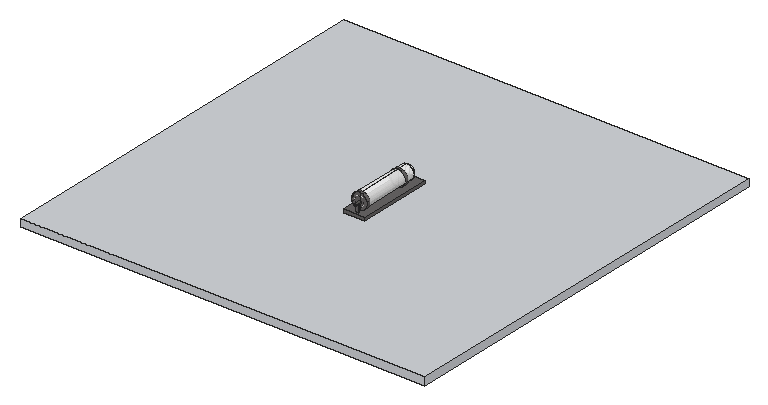
Revit family "P710088-031", category Lighting Fixtures, host Face, Revit 2014
Parameters (values of type "P710088-031")
  White = Paint - Hubbell - Matte White
  Watts = 17 W
  Wattage Comments = "60w"
  Wattage = 60 W
  Warranty = "1 year Warranty"  # constant formula
  built-in parameter 1150110 = 1 (stored number, unit not read)
  Voltage = 120 V
  URL = "https://www.hubbell.com/progresslighting/en"
  built-in parameter 1114217 = 1 (stored number, unit not read)
  Tilt Angle = 60.00°
  built-in parameter 1150109 = 1 (stored number, unit not read)
  built-in parameter 1150134 = 3
  built-in parameter 1150113 = 1 (stored number, unit not read)
  Product Link = "https://www.hubbell.com/progresslighting/en/Products/Lighting-Controls/Residential-Indoor-Lighting/Sconces-Wall-Brackets/Hartwick-Collection-Black-One-Light-Wall-Sconce/p/3980869"
  Product Documentation Link = "https://hubbellcdn.com/specsheet/PROG_P710088-031_spec.pdf"
  Power Factor = 1
  Photometric Web File = "generic"
  built-in parameter 1150142 = (empty or 0)
  Model = "P710088-031"  # constant formula
  Manufacturer = "Progress Lighting"  # constant formula
  built-in parameter 1150105 = 709.24 (stored number, unit not read)
  Lumens = 8912.52 lm
  built-in parameter 1150115 = 1 (stored number, unit not read)
  Load Classification = Lighting
  Width = 5"
  built-in parameter 1150137 = (empty or 0)
  built-in parameter 1150139 = (empty or 0)
  built-in parameter 1150112 = 1 (stored number, unit not read)
  built-in parameter 1150114 = 1 (stored number, unit not read)
  Lamp = "LED or Incandescent"
  built-in parameter 1150132 = (empty or 0)
  built-in parameter 1150102 = (empty or 0)
  built-in parameter 1150107 = 3200 (stored number, unit not read)
  built-in parameter 1150138 = (empty or 0)
  built-in parameter 1150106 = 7.0924 (stored number, unit not read)
  Housing Material = Paint - Hubbell - Textured Camera Black
  Gold = Hubbell - Gold
  Glass = Hubbell - Glass
  Fixture distribution = "Direct"  # constant formula
  Specifications = "A stunning, cylinder-shaped etched opal glass diffuser held in place by a thin metal bar recalls visions of elegant candlesticks.\r\nThe diffuser sits on top of a pedestal-like light base attached to a beautiful black backplate.\r\nEase yourself into a state of complete bliss and relaxation under the luxurious glow of this wall sconce.\r\nIdeal for any bedroom, living room, sitting room, hallway, foyer, or bathroom.\r\nPerfect for modern, contemporary, and luxury settings.\r\nMeasures 5-inch width by 18-inch height.\r\nUses one medium base bulb that is sold separately (60w max - LED or incandescent).\r\nAble to be fully dimmable with dimmable bulbs.\r\nIncludes installation instructions and mounting hardware.\r\nProgress Lighting products are designed for exceptional quality, reliability, and functionality."  # constant formula
  Height = 18"
  built-in parameter 1150104 = 13.8 (stored number, unit not read)
  Dimming Lamp Color Temperature Shift = <None>
  Description = "Ease yourself into a state of complete bliss and relaxation under the luxurious glow of this wall sconce. A stunning, cylinder-shaped etched opal glass diffuser held in place by a thin metal bar recalls visions of elegant candlesticks. The diffuser sits on top of a pedestal-like light base attached to a beautiful black backplate."  # constant formula
  Depth = 4"
  Default Elevation = 48"
  Copyright = " ©2020 Progress Lighting, a division of Hubbell Lighting, Inc"  # constant formula
  Contact = "https://www.hubbell.com/progresslighting/en/contactUs"
  Connector Description = "Lighting Connector"  # constant formula
  Color Filter = 16777215
  built-in parameter 1114218 = 1 (stored number, unit not read)
  built-in parameter 1150133 = 10 (stored number, unit not read)
  Assembly Code = "D5020200"
  Apparent Load = Watts / Power Factor  # 17 VA
Reference planes (in)
  plane 1 "Center (Front/Back)": y = 0
  plane 2: z = 0.5561
  plane 3 "Center (Left/Right)": x = 0
  plane 4: z = 5.8061
  plane 5: x = -2.5
  plane 6: x = 2.5
  plane 7: y = -9
  plane 8: y = 9
Forms (in)
  Extrusion 1, solid
    sketch origin (0, 0, 0) x (1, 0, 0) y (0, 1, 0)
      loop
        line (-48, 48) -> (-48, -48) -> (48, -48) -> (48, 48) -> (-48, 48)
    from 0.5561 to -1.25
  Extrusion 2, solid, material "Paint - Hubbell - Textured Camera Black" <- "Housing Material"
    sketch origin (0, 0, 0) x (1, 0, 0) y (0, 1, 0)
      loop
        line (-2.5, 9) -> (-2.5, -9) -> (2.5, -9) -> (2.5, 9) -> (-2.5, 9)
    from 0.5561 to 1.35745
  Revolve 3, solid, material "Hubbell - Glass" <- "Glass"
    sketch origin (0, 0, -0.875) x (0, 1, 0) y (0, 0, 1)
      loop
        arc (-6.5, 5.8061) -> (-7.03033, 5.58643) -> (-7.25, 5.0561) r 0.75
        line (-7.25, 5.0561) -> (-7.25, 4.0561) -> (7.5, 4.0561) -> (7.5, 5.0561)
        arc (7.5, 5.0561) -> (7.28033, 5.58643) -> (6.75, 5.8061) r 0.75
        line (6.75, 5.8061) -> (-6.5, 5.8061)
      axis (-7.25, 4.0561) -> (7.5, 4.0561)
    angle from 0 to 360
  Extrusion 4, solid, material "Paint - Hubbell - Textured Camera Black"
    sketch origin (0, 0.15625, 0) x (1, 0, 0) y (0, 1, 0)
      loop
        circle (0, -8.16641) r 0.25
    from 1.00982 to 2.94834
  Revolve 5, solid, material "Paint - Hubbell - Metallic Bronze Textured"
    sketch origin (0, -0.00793, 2.99026) x (1, 0, 0) y (0, 1, 0)
      loop
        line (0, -7.25) -> (0, -8.5605) -> (0.25, -8.5605) -> (0.25, -7.34783)
        arc (0.25, -7.34783) -> (0.22135, -7.27865) -> (0.15217, -7.25) r 0.09783
        line (0.15217, -7.25) -> (0, -7.25)
      axis (0, -7.25) -> (0, -8.5605)
    angle from 0 to 360
  Revolve 6, solid, material "Paint - Hubbell - Textured Camera Black" <- "Housing Material"
    sketch origin (0, 0, -0.5) x (0, 1, 0) y (0, 0, 1)
      loop
        line (-6.53726, 5.54346) -> (-6.53726, 5.60741) -> (-7.28726, 5.60741) -> (-7.28726, 3.74539) -> (-7.25, 3.74539) -> (-7.25, 5.54346) -> (-6.53726, 5.54346)
      axis (-7.28726, 3.74539) -> (-6.53726, 3.74539)
    angle from 0 to 360
  Revolve 7, solid, material "Paint - Hubbell - Textured Camera Black" <- "Housing Material"
    sketch origin (0, 11.25, -0.5625) x (0, 1, 0) y (0, 0, 1)
      loop
        line (-6.53726, 5.54346) -> (-6.53726, 5.60741) -> (-7.28726, 5.60741) -> (-7.28726, 3.74539) -> (-7.25, 3.74539) -> (-7.25, 5.54346) -> (-6.53726, 5.54346)
      axis (-7.28726, 3.74539) -> (-6.53726, 3.74539)
    angle from 0 to 360
Dimensions and locks (in)
  "Width": plane 5 to plane 6
  equal spacing: plane 5, plane 3 "Center (Left/Right)", plane 6
  equal spacing: plane 7, plane 1 "Center (Front/Back)", plane 8
  "Height": plane 7 to plane 8
  plane 4 to plane 2 = 5 1/4"
  aligned and locked: plane 2 to Extrusion 1
Automatic sketch dimensions
  Extrusion 1 sketch curve to Extrusion 1 sketch curve = 96"  (x2)
  Extrusion 2 sketch curve to plane 5 = 0"
  Extrusion 2 sketch curve to plane 6 = 0"
  plane 7 to Extrusion 2 sketch curve = 0"
  plane 8 to Extrusion 2 sketch curve = 0"
  Revolve 3 sketch curve to plane 7 = 1 3/4"
  Revolve 3 sketch curve to Revolve 3 sketch curve = 3/4"  (x2)
  Revolve 3 sketch curve to plane 4 = 1 5/8"
  plane 8 to Revolve 3 sketch curve = 2 1/4"
  Revolve 3 sketch curve to Revolve 3 sketch curve = 1"
  Revolve 3 sketch curve to Revolve 3 sketch curve = 0"
  Revolve 3 sketch curve to Revolve 3 sketch curve = 3 1/4"
  Revolve 3 sketch curve to plane 4 = 2 5/8"
  Extrusion 4 sketch curve to plane 3 "Center (Left/Right)" = 0"
  Extrusion 4 sketch curve to plane 7 = 0.98984"
  Revolve 5 sketch curve to plane 3 "Center (Left/Right)" = 0"  (x2)
  plane 3 "Center (Left/Right)" to Revolve 5 sketch curve = 0.15217"
  Revolve 5 sketch curve to plane 7 = 0.43157"
  Revolve 5 sketch curve to Revolve 5 sketch curve = 1.21267"
  plane 7 to Revolve 5 sketch curve = 0.64257"
  Revolve 5 sketch curve to Revolve 5 sketch curve = 2.11537"
  Revolve 6 sketch curve to plane 7 = 1.71274"
  Revolve 6 sketch curve to Revolve 6 sketch curve = 0.03726"
  Revolve 6 sketch curve to plane 4 = 0.69869"
  Revolve 6 sketch curve to Revolve 6 sketch curve = 0.71274"
  Revolve 6 sketch curve to Revolve 6 sketch curve = 0.06395"
  Revolve 6 sketch curve to Revolve 6 sketch curve = 1.79808"
  Revolve 6 sketch curve to Revolve 6 sketch curve = 0"
  plane 1 "Center (Front/Back)" to Revolve 6 sketch curve = 2 1/4"
  Revolve 6 sketch curve to plane 4 = 2.56072"
  Revolve 7 sketch curve to plane 8 = 0"
  Revolve 7 sketch curve to plane 4 = 0.76119"
  plane 8 to Revolve 7 sketch curve = 4.28726"
  Revolve 7 sketch curve to Revolve 7 sketch curve = 0.71274"
  Revolve 7 sketch curve to Revolve 7 sketch curve = 0.03726"
  Revolve 7 sketch curve to Revolve 7 sketch curve = 0.06395"
  Revolve 7 sketch curve to Revolve 7 sketch curve = 1.79808"
  Revolve 7 sketch curve to Revolve 7 sketch curve = 0"
  Revolve 7 sketch curve to plane 4 = 2.62322"
  Revolve 5 sketch curve to Revolve 5 sketch curve = 0.09783"
  radius of Extrusion 4 sketch curve = 1/4"
Connectors (in)
  electrical at (0, 0, 0.5561), driven by "Connector Description", driven by "Power Factor", driven by "Apparent Load", driven by "Voltage", driven by "Load Classification"
    settings: on Extrusion 2, index 1, voltage 120 V, apparent load 17 VA, apparent load phase1 0 VA, apparent load phase2 0 VA, apparent load phase3 0 VA, power factor 1, load classification "Lighting", number of poles 1, system type 30, power factor state 1, is connector primary yes, connector utility no, sub classification motor no, connector description "Lighting Connector"
